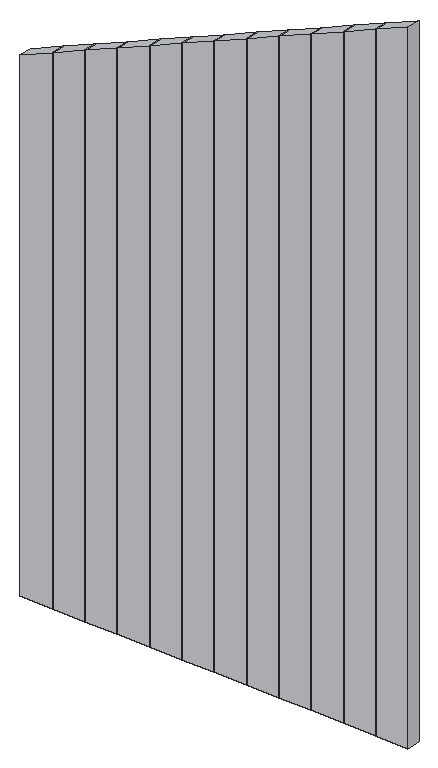
Revit family
Parameters
  pezzi = Lungh / gap  # 12
  gap = 100 mm
  Profondità = 40 mm
  Lungh = 1200 mm
  Larghezza = 100 mm
  Altezza = 2000 mm
  0 = 0 mm
Reference planes
  plane 1 "Centro (Fronte/Retro)": y = 0
  plane 2: z = 0
  plane 3 "Centro (Sinistra/Destra)": x = 0
  plane 4 "sinistra": x = -100
  plane 5 "dietro": y = 40
  plane 6: z = 2000
  plane 7: x = -1200
  plane 8: z = 1500
  plane 9: x = -472.472
  plane 10: x = -40
  plane 11: x = -553.641
  plane 12: x = -1162.408
  plane 13: z = 1000
  plane 14: z = 640
  plane 15: z = 680
  plane 16: z = 1040
Forms (mm)
  Extrusion 1, solid
    sketch origin (0, 0, 0) x (1, 0, 0) y (0, 1, 0)
      loop
        line (-100, 40) -> (-100, 0) -> (0, 0) -> (0, 40) -> (-100, 40)
    from 0 to 2000
  Extrusion 2, solid
    sketch origin (-1100, 0, 0) x (1, 0, 0) y (0, 1, 0)
      loop
        line (-100, 40) -> (-100, 0) -> (0, 0) -> (0, 40) -> (-100, 40)
    from 0 to 2000
  Extrusion 3, solid
    sketch origin (-100, 0, 0) x (1, 0, 0) y (0, 1, 0)
      loop
        line (-100, 40) -> (-100, 0) -> (0, 0) -> (0, 40) -> (-100, 40)
    from 0 to 2000
  Extrusion 4, solid
    sketch origin (-200, 0, 0) x (1, 0, 0) y (0, 1, 0)
      loop
        line (-100, 40) -> (-100, 0) -> (0, 0) -> (0, 40) -> (-100, 40)
    from 0 to 2000
  Extrusion 5, solid
    sketch origin (-300, 0, 0) x (1, 0, 0) y (0, 1, 0)
      loop
        line (-100, 40) -> (-100, 0) -> (0, 0) -> (0, 40) -> (-100, 40)
    from 0 to 2000
  Extrusion 6, solid
    sketch origin (-400, 0, 0) x (1, 0, 0) y (0, 1, 0)
      loop
        line (-100, 40) -> (-100, 0) -> (0, 0) -> (0, 40) -> (-100, 40)
    from 0 to 2000
  Extrusion 7, solid
    sketch origin (-500, 0, 0) x (1, 0, 0) y (0, 1, 0)
      loop
        line (-100, 40) -> (-100, 0) -> (0, 0) -> (0, 40) -> (-100, 40)
    from 0 to 2000
  Extrusion 8, solid
    sketch origin (-600, 0, 0) x (1, 0, 0) y (0, 1, 0)
      loop
        line (-100, 40) -> (-100, 0) -> (0, 0) -> (0, 40) -> (-100, 40)
    from 0 to 2000
  Extrusion 9, solid
    sketch origin (-700, 0, 0) x (1, 0, 0) y (0, 1, 0)
      loop
        line (-100, 40) -> (-100, 0) -> (0, 0) -> (0, 40) -> (-100, 40)
    from 0 to 2000
  Extrusion 10, solid
    sketch origin (-800, 0, 0) x (1, 0, 0) y (0, 1, 0)
      loop
        line (-100, 40) -> (-100, 0) -> (0, 0) -> (0, 40) -> (-100, 40)
    from 0 to 2000
  Extrusion 11, solid
    sketch origin (-900, 0, 0) x (1, 0, 0) y (0, 1, 0)
      loop
        line (-100, 40) -> (-100, 0) -> (0, 0) -> (0, 40) -> (-100, 40)
    from 0 to 2000
  Extrusion 12, solid
    sketch origin (-1000, 0, 0) x (1, 0, 0) y (0, 1, 0)
      loop
        line (-100, 40) -> (-100, 0) -> (0, 0) -> (0, 40) -> (-100, 40)
    from 0 to 2000
  Extrusion 13, void
    sketch origin (0, 0, 0) x (1, 0, 0) y (0, 0, 1)
      loop
        line (-1200, 2000) -> (-1200, 1500) -> (0, 2000) -> (-1200, 2000)
    from -533.318 to 250
  Extrusion 14, void
    sketch origin (0, 0, 0) x (1, 0, 0) y (0, 0, 1)
      loop
        line (-1162.408, 1000) -> (-1162.408, 640) -> (-553.641, 640) -> (-553.641, 1000) -> (-1162.408, 1000)
    from 0 to 500
Cuts and joins
  Extrusion 13 cuts Extrusion 1
  Extrusion 13, Extrusion 14 cuts Extrusion 2
  Extrusion 13 cuts Extrusion 3
  Extrusion 13 cuts Extrusion 4
  Extrusion 13 cuts Extrusion 5
  Extrusion 13 cuts Extrusion 6
  Extrusion 13, Extrusion 14 cuts Extrusion 7
  Extrusion 13, Extrusion 14 cuts Extrusion 8
  Extrusion 13, Extrusion 14 cuts Extrusion 9
  Extrusion 13, Extrusion 14 cuts Extrusion 10
  Extrusion 13, Extrusion 14 cuts Extrusion 11
  Extrusion 13, Extrusion 14 cuts Extrusion 12
Lines and regions (mm)
  reference lines
    curve 1: line (0, 0, 2000) -> (-1200, 0, 1500)
Dimensions and locks
  "Larghezza": plane 4 "sinistra" to plane 3 "Centro (Sinistra/Destra)"
  "Profondità": plane 5 "dietro" to plane 1 "Centro (Fronte/Retro)"
  "Altezza": plane 6 to level
  equal spacing: group 2, group 12, group 11, group 10, group 9, group 8, group 7, group 6, group 5, group 4, group 3, group 1
  equal spacing: group 1, group 3, group 4, group 5, group 6, group 7, group 8, group 9, group 10, group 11, group 12, group 2  (x2)
  "Lungh": plane 3 "Centro (Sinistra/Destra)" to plane 7
  "0": curve 1 to plane 6
  "0": curve 1 to plane 8
  "0": curve 1 to plane 3 "Centro (Sinistra/Destra)"
  "0": plane 7 to curve 1
  aligned and locked: plane 1 "Centro (Fronte/Retro)" to Extrusion 1
  aligned and locked: plane 5 "dietro" to Extrusion 1
  aligned and locked: plane 3 "Centro (Sinistra/Destra)" to Extrusion 1
  aligned and locked: Extrusion 1 to plane 4 "sinistra"
  aligned and locked: plane 6 to Extrusion 1
  aligned and locked: Extrusion 2 to plane 7
  aligned and locked: Extrusion 13 sketch curve to curve 1
  aligned and locked: plane 7 to Extrusion 13 sketch curve
  aligned and locked: Extrusion 13 sketch curve to plane 6
  aligned and locked: Extrusion 14 sketch curve to plane 13
  aligned and locked: Extrusion 14 sketch curve to plane 11
  aligned and locked: plane 14 to Extrusion 14 sketch curve
  aligned and locked: plane 12 to Extrusion 14 sketch curve
Automatic sketch dimensions
  Extrusion 1 sketch curve to Extrusion 1 sketch curve = 40 mm
  Extrusion 1 sketch curve to Extrusion 1 sketch curve = 100 mm
  Extrusion 2 sketch curve to Extrusion 2 sketch curve = 40 mm
  Extrusion 2 sketch curve to Extrusion 2 sketch curve = 100 mm
  Extrusion 3 sketch curve to Extrusion 3 sketch curve = 40 mm
  Extrusion 3 sketch curve to Extrusion 3 sketch curve = 100 mm
  Extrusion 4 sketch curve to Extrusion 4 sketch curve = 40 mm
  Extrusion 4 sketch curve to Extrusion 4 sketch curve = 100 mm
  Extrusion 5 sketch curve to Extrusion 5 sketch curve = 40 mm
  Extrusion 5 sketch curve to Extrusion 5 sketch curve = 100 mm
  Extrusion 6 sketch curve to Extrusion 6 sketch curve = 40 mm
  Extrusion 6 sketch curve to Extrusion 6 sketch curve = 100 mm
  Extrusion 7 sketch curve to Extrusion 7 sketch curve = 40 mm
  Extrusion 7 sketch curve to Extrusion 7 sketch curve = 100 mm
  Extrusion 8 sketch curve to Extrusion 8 sketch curve = 40 mm
  Extrusion 8 sketch curve to Extrusion 8 sketch curve = 100 mm
  Extrusion 9 sketch curve to Extrusion 9 sketch curve = 40 mm
  Extrusion 9 sketch curve to Extrusion 9 sketch curve = 100 mm
  Extrusion 10 sketch curve to Extrusion 10 sketch curve = 40 mm
  Extrusion 10 sketch curve to Extrusion 10 sketch curve = 100 mm
  Extrusion 11 sketch curve to Extrusion 11 sketch curve = 40 mm
  Extrusion 11 sketch curve to Extrusion 11 sketch curve = 100 mm
  Extrusion 12 sketch curve to Extrusion 12 sketch curve = 40 mm
  Extrusion 12 sketch curve to Extrusion 12 sketch curve = 100 mm
  Extrusion 13 sketch curve to plane 3 "Centro (Sinistra/Destra)" = 0 mm  (x2)
